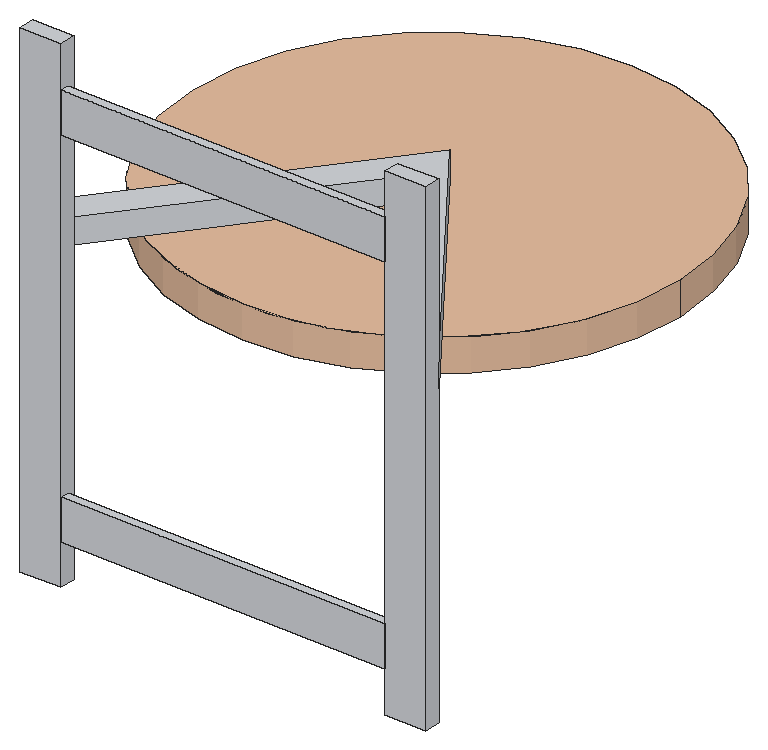
Revit family "Платформа для пневмогруши", category Оборудование, Revit 2017
Family settings
  Размер круглого соединителя = Использовать диаметр
  Тип детали = Нормальный
  На основе рабочей плоскости = Нет
  Всегда вертикально = Да
  При загрузке вырезать с полостями = Нет
  Общий = Нет
  Точка расчета площади = Нет
Parameters
  Ширина = 600.0 mm
  Примечание = ""
  Обозначение = ""
  Наименование = "Платформа для пневмогруши"
  Масса = ""
  Код оборудования = ""
  Keynote = ""
  Изготовитель = "Severin"
  Завод = ""
  Единицы = "шт."
  Группа модели = "ТХ"
  Глубина = 630.0 mm
  Высота = 600.0 mm
Reference planes
  plane 1 "По центру (Вперед/Назад)": y = 0
  plane 2: z = 0
  plane 3 "По центру (Влево/Вправо)": x = 0
  plane 4: z = 2500
  plane 5: z = 1900
  plane 6: x = 250
  plane 7: x = -250
  plane 8: x = 250
  plane 9: x = -250
  plane 10: y = 320
  plane 11: y = 330
Forms (mm)
  Extrusion 1, solid, detail levels fine
    sketch origin (0, 0, 0) x (1, 0, 0) y (0, 0, 1)
      loop
        line (-250, 2500) -> (-250, 1900) -> (-200, 1900) -> (-200, 2500) -> (-250, 2500)
      loop
        line (250, 2500) -> (200, 2500) -> (200, 1900) -> (250, 1900) -> (250, 2500)
    from 0 to -20
  Extrusion 2, solid, detail levels fine
    sketch origin (0, 0, 0) x (1, 0, 0) y (0, 0, 1)
      loop
        line (-200, 2450) -> (-200, 2399.965) -> (200, 2399.965) -> (200, 2450) -> (-200, 2450)
      loop
        line (-200, 2000.035) -> (-200, 1950) -> (200, 1950) -> (200, 2000.035) -> (-200, 2000.035)
    from 0 to -10
  Extrusion 3, solid, detail levels fine
    sketch origin (-240, -1524, 2500) x (-1, 0, 0) y (0, -1, 0)
      loop
        line (10, -1544) -> (-40.182, -1544) -> (-240, -1807.759) -> (-439.818, -1544) -> (-490, -1544) -> (-240, -1874) -> (10, -1544)
    from -200 to -230
  Extrusion 4, solid, material "Береза", detail levels fine
    sketch origin (-240, -1524, 2500) x (-1, 0, 0) y (0, -1, 0)
      loop
        circle (-240, -1854) r 300
    from -270 to -230
Lines and regions (mm)
  symbolic lines, detail levels coarse+medium
    curve 1: circle (0, 330, 2500) r 300 normal (0, 0, 1)
    curve 2: line (-250, 20, 2500) -> (-200, 20, 2500)
    curve 3: line (-250, 0, 2500) -> (-250, 20, 2500)
    curve 4: line (-200, 0, 2500) -> (-250, 0, 2500)
    curve 5: line (-200, 20, 2500) -> (-200, 0, 2500)
    curve 6: line (200, 20, 2500) -> (250, 20, 2500)
    curve 7: line (200, 0, 2500) -> (200, 20, 2500)
    curve 8: line (250, 0, 2500) -> (200, 0, 2500)
    curve 9: line (250, 20, 2500) -> (250, 0, 2500)
    curve 10: line (200, 0, 2500) -> (-200, 0, 2500)
    curve 11: line (200, 10, 2500) -> (200, 0, 2500)
    curve 12: line (-200, 10, 2500) -> (200, 10, 2500)
    curve 13: line (-200, 0, 2500) -> (-200, 10, 2500)
    curve 14: line (-250, 20, 2500) -> (0, 350, 2500)
    curve 15: line (0, 350, 2500) -> (250, 20, 2500)
    curve 16: line (199.818, 20, 2500) -> (0, 283.759, 2500)
    curve 17: line (0, 283.759, 2500) -> (-199.818, 20, 2500)
Dimensions and locks
  aligned and locked: level to plane 2
